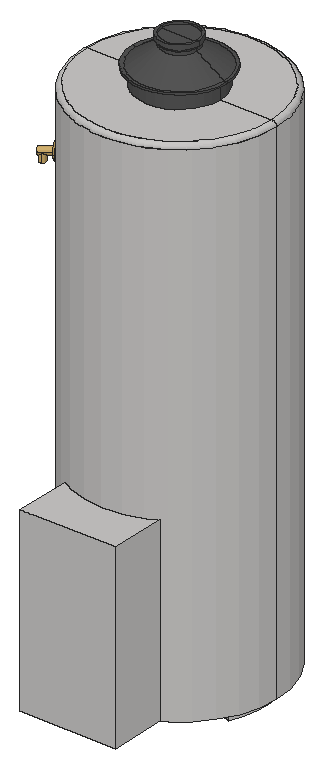
Revit family "StorageTank_Rheem_HeavyDutyGas_Indoor_624265", category Mechanical Equipment, host Face, Revit 2020
Family settings
  Host = Face
  Round Connector Dimension = Use Diameter
  Part Type = Normal
  Cut with Voids When Loaded = No
  Shared = No
  Room Calculation Point = No
Parameters (values of type "Natural Gas")
  WeightNet_ANZRS = 137.00 kg  # constant formula
  Voltage_ANZRS = 240 V
  URL = "https://www.rheem.com.au/rheem/products/commercial"
  Type Comments = "410L first hour delivery @ 50°C rise"
  T&PRValveDiameter = 20 mm  # constant formula
  ProductCode_ANZRS = "624265"  # constant formula
  PowerFactor_ANZRS = 1
  ModifiedIssue_ANZRS = 20200723.01  # constant formula
  Model = "Rheem Heavy Duty Gas 265L - Indoor"  # constant formula
  MaxWaterSupplyPressure_WithoutECV = 800.00 kPa  # constant formula
  MaxWaterSupplyPressure_WithECV = 680.00 kPa  # constant formula
  MaxStoredWaterTemperature = 82 °C  # constant formula
  Material_ANZRS = Metal-Steel-Rheem-Galvanised
  Manufacturer = "Rheem"  # constant formula
  M = 125 mm  # constant formula
  K = 654 mm  # constant formula
  HourlyGasConsumption = 110000000 J
  Height_ANZRS = 1805 mm  # constant formula
  HWOutletDiameter = 32 mm  # constant formula
  MinGasPressure = 1.13 kPa
  GasConnectionDiameter = 20 mm  # constant formula
  G = 1661 mm  # constant formula
  Frequency_ANZRS = 50 Hz
  F = 340 mm  # constant formula
  E = 711 mm  # constant formula
  DrainDiameter = 20 mm  # constant formula
  Diameter_ANZRS = 610 mm  # constant formula
  Description = "Rheem Heavy Duty Gas water heaters have been designed to supply large quantities of hot water. The cylinder is protected by multiple anodes and a double layer of vitreous enamel."  # constant formula
  Default Elevation = 0 mm
  D = 1461 mm  # constant formula
  Radius = Diameter_ANZRS / 2  # 305 mm
  CreatedBy_ANZRS = "Design Content"  # constant formula
  CreatedByURL_ANZRS = "https://www.designcontent.com.au/"
  CW&PrimaryFlowDiameter = 32 mm  # constant formula
  Capacity_ANZRS = 265.0 L  # constant formula
  C = 745 mm  # constant formula
  B = Diameter_ANZRS  # 610 mm
  A = Height_ANZRS  # 1805 mm
Types (3, lengths in mm): name | Type Comments | HourlyGasConsumption | MinGasPressure
  (no name) | "410L first hour delivery @ 50°C rise" | 110000000 J | 1.13 kPa
  Natural Gas | "410L first hour delivery @ 50°C rise" | 110000000 J | 1.13 kPa
  Propane Gas | "380L first hour delivery @ 50°C rise" | 100000000 J | 2.75 kPa
Reference planes
  plane 1 "Center (Front/Back)": y = 0
  plane 2: z = 0
  plane 3 "Center (Left/Right)": x = 0
  plane 4: z = 0
  plane 5: z = 600
  plane 6 "CW Inlet": z = 711
  plane 7: z = 1661
  plane 8: z = 1805
  plane 9: x = -305
  plane 10: x = 305
  plane 11: z = 32
  plane 12: y = 305
  plane 13: y = -305
  plane 14: y = -335
  plane 15: x = 62.5
  plane 16: x = -62.5
  plane 17: z = 1717.5
  plane 18: z = 1712.5
  plane 19: y = -440
  plane 20: x = -150
  plane 21: x = 150
  plane 22: z = 57
  plane 23: through (0, 0, 1219.2) normal (0.5736, -0.8192, 0)
  plane 24: z = 1461
  plane 25: through (-286.2, -202.141, 1219.2) normal (0.809, 0.5878, 0)
  plane 26: through (-248.985, -175.103, 1219.2) normal (0.809, 0.5878, 0)
  plane 27: x = -315
  plane 28: z = 340
  plane 29 "Gas": y = -349
  plane 30: x = -295
Forms (mm)
  Revolve 1, solid, material "Metal-Steel-Rheem-Galvanised" <- "Material_ANZRS", detail levels medium+fine
    sketch origin (0, 0, 0) x (1, 0, 0) y (0, 0, 1)
      loop
        line (0, 32) -> (305, 32) -> (305, 1661) -> (0, 1661) -> (0, 32)
      axis (0, 1661) -> (0, 32)
    angle from 0 to 360
  Revolve 2, solid, material "Metal-Steel-Rheem-Black", detail levels medium+fine
    sketch origin (0, 0, 0) x (1, 0, 0) y (0, 0, 1)
      loop
        line (55.403, 1805) -> (55.403, 1800) -> (0, 1800) -> (0, 1661) -> (128.75, 1661) -> (128.75, 1712.5) -> (148.75, 1712.5) -> (148.75, 1717.5) -> (138.25, 1717.5) -> (55.403, 1773.381) -> (55.403, 1782.903) -> (62.5, 1790) -> (62.5, 1805) -> (55.403, 1805)
      axis (0, 1805) -> (0, 1661)
    angle from 0 to 360
  Extrusion 3, solid, material "Metal-Steel-Rheem-Galvanised" <- "Material_ANZRS"
    sketch origin (0, 0, 0) x (0, 1, 0) y (0, 0, 1)
      loop
        circle (0, 1461) r 16
      loop
        circle (0, 711) r 16
    from -315 to -295
  Extrusion 4, solid, material "Metal-Steel-Rheem-Galvanised" <- "Material_ANZRS"
    sketch origin (0, 0, 0) x (1, 0, 0) y (0, 1, 0)
      loop
        line (-150, -440) -> (150, -440) -> (150, -265.565)
        arc (150, -265.565) -> (0, -305) -> (-150, -265.565) r 305
        line (-150, -265.565) -> (-150, -440)
    from 32 to 600
  Extrusion 5, solid, material "Metal-Steel-Rheem-Galvanised" <- "Material_ANZRS"
    sketch origin (0, -1.25, 0) x (0, 1, 0) y (0, 0, 1)
      loop
        circle (-347.75, 340) r 10
    from -155.035 to -150
  Sweep 6, void
    path in 3D
      loop
        arc (-305, 0, 1661) -> (0, 305, 1661) -> (305, 0, 1661) r 305
        arc (305, 0, 1661) -> (0, -305, 1661) -> (-305, 0, 1661) r 305
    profile origin (0, -305, 1661) x (0, -1, 0) y (0, 0, 1)
      loop
        line (0, 0) -> (-15, 0)
        arc (-15, 0) -> (-4.393, -4.393) -> (0, -15) r 15
        line (0, -15) -> (0, 0)
  Extrusion 7, solid, material "Metal-Steel-Rheem-Galvanised" <- "Material_ANZRS", detail levels medium+fine
    sketch origin (0, 0, 0) x (1, 0, 0) y (0, 1, 0)
      loop
        line (-222.952, 103.964) -> (-245.609, 114.53)
        arc (-245.609, 114.53) -> (-271, 0) -> (-245.609, -114.53) r 271
        line (-245.609, -114.53) -> (-222.952, -103.964)
        arc (-222.952, -103.964) -> (-246, 0) -> (-222.952, 103.964) r 246
      loop
        arc (222.952, 103.964) -> (246, 0) -> (222.952, -103.964) r 246
        line (222.952, -103.964) -> (245.609, -114.53)
        arc (245.609, -114.53) -> (271, 0) -> (245.609, 114.53) r 271
        line (245.609, 114.53) -> (222.952, 103.964)
      loop
        line (-103.964, -222.952) -> (-114.53, -245.609)
        arc (-114.53, -245.609) -> (0, -271) -> (114.53, -245.609) r 271
        line (114.53, -245.609) -> (103.964, -222.952)
        arc (103.964, -222.952) -> (0, -246) -> (-103.964, -222.952) r 246
      loop
        arc (-103.964, 222.952) -> (0, 246) -> (103.964, 222.952) r 246
        line (103.964, 222.952) -> (114.53, 245.609)
        arc (114.53, 245.609) -> (0, 271) -> (-114.53, 245.609) r 271
        line (-114.53, 245.609) -> (-103.964, 222.952)
    from 0 to 32
  Extrusion 8, solid, material "Metal-Steel-Rheem-Galvanised" <- "Material_ANZRS", detail levels coarse
    sketch origin (0, 0, 0) x (1, 0, 0) y (0, 1, 0)
      loop
        circle (0, 0) r 305
    from 0 to 1661
  Extrusion 9, solid, material "Metal-Steel-Rheem-Black", detail levels coarse
    sketch origin (0, 0, 0) x (1, 0, 0) y (0, 1, 0)
      loop
        circle (0, 0) r 148.75
    from 1661 to 1805
  Revolve 10, solid, material "Metal-Steel-Rheem-Galvanised" <- "Material_ANZRS"
    sketch origin (12.689, 11.03, 306) x (0.999848, -0.017452, 0) y (0.017452, 0.999848, 0)
      loop
        line (-240.994, -216.992) -> (-237.893, -214.2) -> (-251.307, -199.303) -> (-252.875, -200.871) -> (-252.875, -209.646) -> (-250.461, -212.06) -> (-247.685, -209.56) -> (-240.994, -216.992)
      axis (-237.893, -214.2) -> (-243.902, -219.611)
    angle from 0 to 360
Cuts and joins
  Sweep 6 cuts Revolve 1
  joined: Revolve 1, Extrusion 7
Lines and regions (mm)
  sketch lines
    curve 1: arc (305, 0, 1661) -> (0, -305, 1661) -> (-305, 0, 1661) r 305
    curve 2: arc (-305, 0, 1661) -> (0, 305, 1661) -> (305, 0, 1661) r 305
Dimensions and locks
  "E": plane 6 "CW Inlet" to host face
  "G": plane 7 to host face
  "A": plane 8 to host face
  equal spacing: plane 10, plane 3 "Center (Left/Right)", plane 9
  "Diameter_ANZRS": plane 10 to plane 9
  locked: plane 11 to plane 4 at 32
  equal spacing: plane 12, plane 1 "Center (Front/Back)", plane 13
  "B": plane 12 to plane 13
  locked: plane 14 to plane 13 at 30
  equal spacing: plane 15, plane 3 "Center (Left/Right)", plane 16
  "M": plane 16 to plane 15
  "C": plane 12 to plane 19
  locked: plane 22 to plane 11 at 25
  locked: plane 26 to plane 25 at 46
  locked: plane 27 to plane 9 at 10
  plane 8 to plane 17 to plane 18 = 87.5 mm locked, 5 mm locked
  "D": plane 24 to host face
  "K": plane 12 to plane 29 "Gas"
  plane 28 to host face = 340 mm
  plane 5 to host face = 600 mm
  "F": plane 28 to host face
  locked: plane 9 to plane 30 at 10
  Revolve 2 sketch curve to Revolve 2 sketch curve to Revolve 2 sketch curve to Revolve 2 sketch curve to Revolve 2 sketch curve to Revolve 2 sketch curve to plane 3 "Center (Left/Right)" = 10.5 mm locked, 9.5 mm locked, 66.25 mm locked, 7.097 mm locked, 0 mm locked, 55.403 mm locked
  locked: plane 5 to plane 4 at 600
  radius of Extrusion 3 sketch curve = 16 mm  (x2)
  radius of Extrusion 5 sketch curve = 10 mm
  radius of Sweep 6 sketch curve = 15 mm
  "B": diameter of Extrusion 8 sketch curve
  locked: plane 1 "Center (Front/Back)" to plane 23 (angle 35.00°)
  aligned and locked: plane 2 to host face
  aligned and locked: level to host face
  aligned and locked: Revolve 1 sketch curve to plane 3 "Center (Left/Right)"
  aligned and locked: Revolve 1 sketch curve to plane 10
  aligned and locked: Revolve 1 sketch curve to plane 11
  aligned and locked: plane 7 to Revolve 1 sketch curve
  aligned and locked: Revolve 2 sketch curve to plane 8
  aligned and locked: plane 1 "Center (Front/Back)" to Extrusion 3 sketch curve  (x2)
  aligned and locked: plane 24 to Extrusion 3 sketch curve
  aligned and locked: plane 6 "CW Inlet" to Extrusion 3 sketch curve
  aligned and locked: Extrusion 3 to plane 27
  aligned and locked: plane 17 to Revolve 2 sketch curve
  aligned and locked: Revolve 2 sketch curve to plane 18
  aligned and locked: plane 20 to Extrusion 4 sketch curve
  aligned and locked: plane 19 to Extrusion 4 sketch curve
  aligned and locked: plane 21 to Extrusion 4 sketch curve
  aligned and locked: plane 5 to Extrusion 4
  aligned and locked: Extrusion 4 to plane 11
  aligned and locked: plane 28 to Extrusion 5 sketch curve
  aligned and locked: plane 30 to Extrusion 3
  aligned and locked: plane 11 to Extrusion 7
  aligned and locked: Extrusion 7 to plane 4
  aligned and locked: plane 3 "Center (Left/Right)" to Extrusion 8 sketch curve
  aligned and locked: plane 1 "Center (Front/Back)" to Extrusion 8 sketch curve
  aligned and locked: plane 7 to Extrusion 8
  aligned and locked: Extrusion 8 to plane 4
  aligned and locked: Extrusion 9 to plane 7
  aligned and locked: plane 8 to Extrusion 9
  aligned and locked: plane 23 to nested 1
  aligned and locked: Extrusion 4 sketch curve to Extrusion 8
  aligned and locked: plane 20 to Extrusion 5
  aligned and locked: plane 29 "Gas" to Extrusion 5 sketch curve
  aligned and locked: Revolve 10 sketch curve to Revolve 10 sketch curve
Automatic sketch dimensions
  host sketch curve to host sketch curve = 2438.4 mm  (x2)
  Revolve 1 sketch curve to plane 3 "Center (Left/Right)" = 0 mm
  Revolve 1 sketch curve to level = 609.6 mm
  plane 8 to Revolve 1 sketch curve = 949.058 mm
  Revolve 2 sketch curve to plane 3 "Center (Left/Right)" = 0 mm  (x2)
  Revolve 2 sketch curve to plane 7 = 0 mm
  Revolve 2 sketch curve to plane 8 = 31.619 mm
  Revolve 2 sketch curve to Revolve 2 sketch curve = 9.522 mm
  Revolve 2 sketch curve to Revolve 2 sketch curve = 7.097 mm
  Revolve 2 sketch curve to plane 8 = 5 mm
  Revolve 2 sketch curve to level = 609.6 mm
  plane 8 to Revolve 2 sketch curve = 949.058 mm
  Sweep 6 sketch curve to profile plane = 0 mm  (x2)
  Extrusion 7 sketch curve to Extrusion 7 sketch curve = 0 mm  (x56)
  plane 1 "Center (Front/Back)" to Extrusion 7 sketch curve = 0 mm
  Extrusion 7 sketch curve to plane 3 "Center (Left/Right)" = 0 mm
  plane 16 to Extrusion 7 sketch curve = 41.464 mm  (x2)
  Extrusion 7 sketch curve to Extrusion 7 sketch curve = 10.565 mm  (x6)
  plane 30 to Extrusion 7 sketch curve = 72.048 mm  (x2)
  Extrusion 7 sketch curve to Extrusion 7 sketch curve = 22.658 mm  (x6)
  plane 15 to Extrusion 7 sketch curve = 41.464 mm  (x2)
  Extrusion 7 sketch curve to plane 21 = 72.952 mm  (x2)
  plane 1 "Center (Front/Back)" to Extrusion 7 sketch curve = 103.964 mm  (x2)
  Extrusion 7 sketch curve to plane 13 = 82.048 mm
  Extrusion 7 sketch curve to plane 12 = 82.048 mm
  plane 1 "Center (Front/Back)" to Extrusion 9 sketch curve = 0 mm
  Extrusion 9 sketch curve to plane 3 "Center (Left/Right)" = 0 mm
  Revolve 10 sketch curve to plane 26 = 1.737 mm
  plane 23 to Revolve 10 sketch curve = 12.114 mm
  Revolve 10 sketch curve to Revolve 10 sketch curve = 1.568 mm
  Revolve 10 sketch curve to Revolve 10 sketch curve = 2.414 mm  (x2)
  Revolve 10 sketch curve to Revolve 10 sketch curve = 2.776 mm
  Revolve 10 sketch curve to Revolve 10 sketch curve = 6.691 mm
  Revolve 10 sketch curve to Revolve 10 sketch curve = 3.1 mm
  Revolve 10 sketch curve to Revolve 10 sketch curve = 8.69 mm
  Revolve 10 sketch curve to Revolve 10 sketch curve = 0.085 mm
  Revolve 10 sketch curve to Revolve 10 sketch curve = 4.331 mm
  Revolve 10 sketch curve to Revolve 10 sketch curve = 0 mm
  radius of Extrusion 9 sketch curve = 148.75 mm
Nested families
  nested 1: "X_Rheem_Valve" at (-270.656, -189.515, 1461) x (0.5736, -0.8192, 0) z (0, 0, 1), built-in parameter 1001364 <- "D", type "Standard"
Connectors
  piping at (-276.915, -193.898, 1431.926), diameter 20, driven by "T&PRValveDiameter"
    settings: on nested 1, index 3, connector inside diameter 609.6 mm, connector length 0 mm, flow factor 0, pipe flow 0 L/s, pressure drop 0.00 kPa, fitting loss kfactor 0, connector angle 0.00°, fixture units 0, engagement length 0 mm, angle of deflection 0.00°, flow configuration 1, flow direction 2, fitting loss method 0, system type 16, joint type 0, gender type 0, connector reference index -1, connector utility 0, adjustable connector no, is connector primary yes, connector description ""
  piping at (-315, 0, 1461), diameter 32, driven by "HWOutletDiameter"
    settings: on Extrusion 3, index 4, connector inside diameter 609.6 mm, connector length 0 mm, flow factor 0, pipe flow 0 L/s, pressure drop 0.00 kPa, fitting loss kfactor 0, connector angle 0.00°, fixture units 0, engagement length 0 mm, angle of deflection 0.00°, flow configuration 1, flow direction 2, fitting loss method 0, system type 19, joint type 0, gender type 0, connector reference index -1, connector utility 0, adjustable connector no, is connector primary no, connector description "HW Out"
  piping at (-315, 0, 711), diameter 32, driven by "CW&PrimaryFlowDiameter"
    settings: on Extrusion 3, index 5, connector inside diameter 609.6 mm, connector length 0 mm, flow factor 0, pipe flow 0 L/s, pressure drop 0.00 kPa, fitting loss kfactor 0, connector angle 0.00°, fixture units 0, engagement length 0 mm, angle of deflection 0.00°, flow configuration 1, flow direction 1, fitting loss method 0, system type 20, joint type 0, gender type 0, connector reference index -1, connector utility 0, adjustable connector no, is connector primary no, connector description "CW In"
  hvac at (0, 0, 1805), driven by "M"
    settings: on Revolve 2, index 6, duct flow 0 L/s, flow factor 0, pres drop 0.00 in-wg, loss coef 0, conn angle 0.00°, conn width 304.8 mm, conn height 304.8 mm, conn diameter 125 mm, duct sys type 3, conn prof type 0, flow config 0, flow direction 2, loss method 0, conn ref index -1, conn util no, is conn primary yes, conn desc ""
  piping at (-155.035, -349, 340), diameter 20, driven by "GasConnectionDiameter"
    settings: on Extrusion 5, index 7, connector inside diameter 609.6 mm, connector length 0 mm, flow factor 0, pipe flow 0 L/s, pressure drop 0.00 kPa, fitting loss kfactor 0, connector angle 0.00°, fixture units 0, engagement length 0 mm, angle of deflection 0.00°, flow configuration 0, flow direction 1, fitting loss method 0, system type 22, joint type 0, gender type 0, connector reference index -1, connector utility 0, adjustable connector no, is connector primary no, connector description "Gas In"
  electrical at (150, -352.783, 316), driven by "Voltage_ANZRS", driven by "PowerFactor_ANZRS"
    settings: on Extrusion 4, index 8, voltage 240 V, apparent load 0 VA, apparent load phase1 0 VA, apparent load phase2 0 VA, apparent load phase3 0 VA, power factor 1, load classification "Power", number of poles 1, system type 31, power factor state 1, is connector primary yes, connector utility no, sub classification motor no, connector description ""
  piping at (-232.056, -201.723, 306), diameter 20, driven by "DrainDiameter"
    settings: on Revolve 10, index 9, connector inside diameter 609.6 mm, connector length 0 mm, flow factor 0, pipe flow 0 L/s, pressure drop 0.00 kPa, fitting loss kfactor 0, connector angle 0.00°, fixture units 0, engagement length 0 mm, angle of deflection 0.00°, flow configuration 0, flow direction 2, fitting loss method 0, system type 17, joint type 0, gender type 0, connector reference index -1, connector utility 0, adjustable connector no, is connector primary no, connector description ""
Definition of nested family "X_Rheem_Valve"
  Parameters
    Material_ANZRS = none
    Default Elevation = 0 mm
    Assembly Code = ""
  Reference planes
    plane 1 "Center (Front/Back)": y = 0
    plane 2: z = 0
    plane 3 "Center (Left/Right)": x = 0
  Forms (mm)
    Extrusion 1, solid, material <- "Material_ANZRS"
      sketch origin (0, 0, 0) x (1, 0, 0) y (0, 1, 0)
        loop
          circle (0, -7.641) r 10
      from 0 to -29.074
    Revolve 2, solid, material <- "Material_ANZRS"
      sketch origin (0, 0, 0) x (1, 0, 0) y (0, 1, 0)
        loop
          line (-27.668, 40) -> (-27.668, 25.616) -> (-18.681, 20) -> (-9.939, 20) -> (-9.939, -20) -> (0, -20) -> (0, 40) -> (-27.668, 40)
        axis (0, 40) -> (0, -20)
      angle from 0 to 360
  Dimensions and locks
    aligned and locked: level to plane 2
